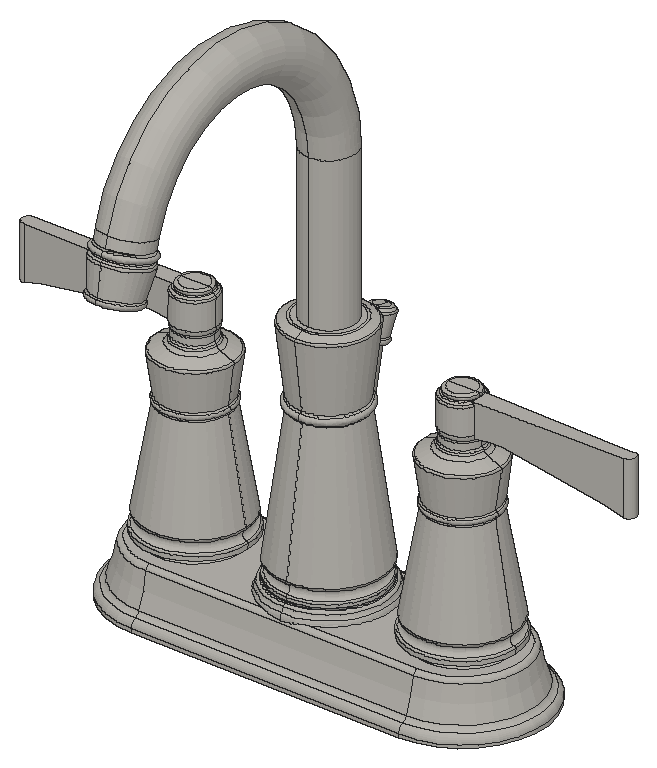
Revit family "Faucet-Lavatory-KOHLER-Archer-K-11075", category Plumbing Fixtures, host Face, Revit 2015 (continued)
Definition of nested family "K-11075"
  Lines and regions (in)
    symbolic lines, detail levels medium+fine
      curve 135: line (0, 0.09647, 4.05638) -> (0, 0.09647, 3.36536)
      curve 136: line (0, -0.09647, 4.05638) -> (0, -0.09647, 3.36536)
      curve 137: arc (0, 0.11171, 3.58807) -> (0, 0.12849, 3.60779) -> (0, 0.13452, 3.63298) r 0.0556
      curve 138: arc (0, 0.09647, 3.56062) -> (0, 0.10107, 3.57602) -> (0, 0.11171, 3.58807) r 0.03736
      curve 139: arc (0, -0.11171, 3.58807) -> (0, -0.12849, 3.60779) -> (0, -0.13452, 3.63298) r 0.0556
      curve 140: arc (0, -0.09647, 3.56062) -> (0, -0.10107, 3.57602) -> (0, -0.11171, 3.58807) r 0.03736
      curve 141: line (0, -0.13189, 3.61607) -> (0, -0.29864, 3.61607)
      curve 142: line (0, -0.09647, 3.48062) -> (0, -0.29054, 3.48062)
      curve 143: line (0, -0.09647, 3.43477) -> (0, -0.31702, 3.43477)
      curve 144: line (0, -0.09647, 3.39239) -> (0, -0.34574, 3.39239)
      curve 145: arc (0, 0.13452, 4.05638) -> (0, 0.12438, 4.09583) -> (0, 0.09647, 4.1255) r 0.08181
      curve 146: arc (0, -0.13452, 4.05638) -> (0, -0.12438, 4.09583) -> (0, -0.09647, 4.1255) r 0.08181
      curve 147: arc (0, 0.02981, 4.1255) -> (0, 0.07709, 4.10439) -> (0, 0.09647, 4.05638) r 0.06917
      curve 148: arc (0, -0.02981, 4.1255) -> (0, -0.07709, 4.10439) -> (0, -0.09647, 4.05638) r 0.06917
      curve 149: arc (0, 0.09647, 3.36536) -> (0, 0, 3.31422) -> (0, -0.09647, 3.36536) r 0.11657
      curve 150: line (0, 0.09647, 3.36536) -> (0, -0.09647, 3.36536)
      curve 151: line (-3.11193, 0, 0.16183) -> (3.11193, 0, 0.16183)
      curve 152: line (-3.04737, 0, 0.22511) -> (3.04737, 0, 0.22511)
      curve 153: line (-2.91399, 0, 0.6992) -> (-0.41399, 0, 0.6992)
      curve 154: line (-2.65277, 0, 0.765) -> (-0.47848, 0, 0.765)
      curve 155: line (0, 0.91195, 0.6992) -> (0, -0.91195, 0.6992)
      curve 156: line (-2.58557, 0, 0.8755) -> (-1.41443, 0, 0.8755)
      curve 157: line (-0.76949, 0, 0.925) -> (0.75655, 0, 0.925)
      curve 158: line (-0.77275, 0, 1.02299) -> (0.77275, 0, 1.02299)
      curve 159: line (1.41443, 0, 0.8755) -> (2.58557, 0, 0.8755)
      curve 160: line (-2.76591, 0, 0.96914) -> (-1.23409, 0, 0.96914)
      curve 161: line (1.23409, 0, 0.96914) -> (2.76591, 0, 0.96914)
      curve 162: line (-2.74216, 0, 1.10986) -> (-1.25784, 0, 1.10986)
      curve 163: line (1.25784, 0, 1.10986) -> (2.74216, 0, 1.10986)
      curve 164: line (-0.77999, 0, 1.179) -> (0.77999, 0, 1.179)
      curve 165: line (-0.51576, 0, 3.23043) -> (0.51576, 0, 3.23043)
      curve 166: line (0.51366, 0, 3.34806) -> (-0.51366, 0, 3.34806)
      curve 167: line (-0.62757, 0, 4.34858) -> (0.62757, 0, 4.34858)
      curve 168: line (0.61285, 0, 4.37912) -> (-0.61285, 0, 4.37912)
      curve 169: line (-0.37496, 0, 4.436) -> (0.37496, 0, 4.436)
      curve 170: spline (0, 0, 6.46899) -> (-0.08837, 0, 6.46581) -> (-0.17071, 0, 6.4565) -> (-0.24142, 0, 6.4417) -> (-0.29568, 0, 6.4224) -> (-0.32979, 0, 6.39993) -> (-0.34142, 0, 6.37581) -> (-0.32979, 0, 6.3517) -> (-0.29568, 0, 6.32922) -> (-0.24142, 0, 6.30993) -> (-0.17071, 0, 6.29512) -> (-0.08837, 0, 6.28581) -> (0, 0, 6.28264)
      curve 171: spline (0, 0, 6.28264) -> (0.08837, 0, 6.28581) -> (0.17071, 0, 6.29512) -> (0.24142, 0, 6.30993) -> (0.29568, 0, 6.32922) -> (0.32979, 0, 6.3517) -> (0.34142, 0, 6.37581) -> (0.32979, 0, 6.39993) -> (0.29568, 0, 6.4224) -> (0.24142, 0, 6.4417) -> (0.17071, 0, 6.4565) -> (0.08837, 0, 6.46581) -> (0, 0, 6.46899)
      curve 172: spline (0, 0, 6.3007) -> (-0.07031, 0, 6.30322) -> (-0.13583, 0, 6.31063) -> (-0.19209, 0, 6.32241) -> (-0.23526, 0, 6.33776) -> (-0.2624, 0, 6.35564) -> (-0.27165, 0, 6.37483) -> (-0.2624, 0, 6.39402) -> (-0.23526, 0, 6.4119) -> (-0.19209, 0, 6.42725) -> (-0.13583, 0, 6.43903) -> (-0.07031, 0, 6.44644) -> (0, 0, 6.44897)
      curve 173: spline (0, 0, 6.44897) -> (0.07031, 0, 6.44644) -> (0.13583, 0, 6.43903) -> (0.19209, 0, 6.42725) -> (0.23526, 0, 6.4119) -> (0.2624, 0, 6.39402) -> (0.27165, 0, 6.37483) -> (0.2624, 0, 6.35564) -> (0.23526, 0, 6.33776) -> (0.19209, 0, 6.32241) -> (0.13583, 0, 6.31063) -> (0.07031, 0, 6.30322) -> (0, 0, 6.3007)
      curve 174: spline (0.26343, 0, 6.39293) -> (0.24285, 0, 6.37753) -> (0.21035, 0, 6.36375) -> (0.16752, 0, 6.35225) -> (0.11647, 0, 6.34361) -> (0.0597, 0, 6.33825) -> (0, 0, 6.33644) -> (-0.0597, 0, 6.33825) -> (-0.11647, 0, 6.34361) -> (-0.16752, 0, 6.35225) -> (-0.21035, 0, 6.36375) -> (-0.24285, 0, 6.37753) -> (-0.26343, 0, 6.39293)
      curve 175: arc (-0.33227, 0, 6.47029) -> (-0.37395, 0, 6.42083) -> (-0.35199, 0, 6.35999) r 0.06471
      curve 176: arc (-0.35199, 0, 6.35999) -> (-0.31839, 0, 6.33744) -> (-0.28067, 0, 6.32276) r 0.18445
      curve 177: arc (0.33227, 0, 6.47029) -> (0.37395, 0, 6.42083) -> (0.35199, 0, 6.35999) r 0.06471
      curve 178: arc (0.35199, 0, 6.35999) -> (0.31839, 0, 6.33744) -> (0.28067, 0, 6.32276) r 0.18445
      curve 179: arc (0.33216, 0, 6.47033) -> (-0.00006, 0, 6.52855) -> (-0.33227, 0, 6.47029) r 0.9767
      curve 180: line (-0.37496, 0, 6.59066) -> (-0.35176, 0, 6.45909)
      curve 181: line (0.37496, 0, 6.59066) -> (0.35176, 0, 6.45909)
      curve 182: spline (0.37496, 0, 7.05703) -> (0.36219, 0, 7.08215) -> (0.32473, 0, 7.10555) -> (0.26514, 0, 7.12565) -> (0.18748, 0, 7.14108) -> (0.09705, 0, 7.15077) -> (0, 0, 7.15408) -> (-0.09705, 0, 7.15077) -> (-0.18748, 0, 7.14108) -> (-0.26514, 0, 7.12565) -> (-0.32473, 0, 7.10555) -> (-0.36219, 0, 7.08215) -> (-0.37496, 0, 7.05703)
      curve 183: arc (-0.37496, 0, 7.05703) -> (0, 0, 7.12103) -> (0.37496, 0, 7.05703) r 1.13036
      curve 184: spline (-0.39095, 0, 6.92152) -> (-0.37763, 0, 6.94063) -> (-0.33857, 0, 6.95844) -> (-0.27644, 0, 6.97374) -> (-0.19548, 0, 6.98547) -> (-0.10119, 0, 6.99285) -> (0, 0, 6.99536) -> (0.10119, 0, 6.99285) -> (0.19548, 0, 6.98547) -> (0.27644, 0, 6.97374) -> (0.33857, 0, 6.95844) -> (0.37763, 0, 6.94063) -> (0.39095, 0, 6.92152)
      curve 185: line (-2.57934, 0, 3.2662) -> (-1.42066, 0, 3.2662)
      curve 186: line (-2.29073, 0, 3.4935) -> (-1.70927, 0, 3.4935)
      curve 187: line (-2.34268, 0, 3.39453) -> (-1.65732, 0, 3.39453)
      curve 188: line (-2.31799, 0, 3.43668) -> (-1.68201, 0, 3.43668)
      curve 189: line (-1.70928, 0, 3.59514) -> (-2.29237, 0, 3.59514)
      curve 190: line (-2.24178, 0, 4.1255) -> (-1.7587, 0, 4.1255)
      curve 191: line (-4.48946, 0, 3.33816) -> (-4.48946, 0, 4.1255)
      curve 192: line (-2.28233, 0, 4.05789) -> (-2.28233, 0, 3.73284)
      curve 193: arc (-2.24178, 0, 4.1255) -> (-2.27141, 0, 4.09731) -> (-2.28233, 0, 4.05789) r 0.07665
      curve 194: arc (-2.28233, 0, 3.73284) -> (-2.29177, 0, 3.68454) -> (-2.31869, 0, 3.64334) r 0.12831
      curve 195: line (2.57934, 0, 3.2662) -> (1.42066, 0, 3.2662)
      curve 196: line (2.29073, 0, 3.4935) -> (1.70927, 0, 3.4935)
      curve 197: line (2.34268, 0, 3.39453) -> (1.65732, 0, 3.39453)
      curve 198: line (2.31799, 0, 3.43668) -> (1.68201, 0, 3.43668)
      curve 199: line (1.70928, 0, 3.59514) -> (2.29237, 0, 3.59514)
      curve 200: line (2.24178, 0, 4.1255) -> (1.7587, 0, 4.1255)
      curve 201: line (4.48946, 0, 3.33816) -> (4.48946, 0, 4.1255)
      curve 202: line (2.28233, 0, 4.05789) -> (2.28233, 0, 3.73284)
      curve 203: arc (2.24178, 0, 4.1255) -> (2.27141, 0, 4.09731) -> (2.28233, 0, 4.05789) r 0.07665
      curve 204: arc (2.28233, 0, 3.73284) -> (2.29177, 0, 3.68454) -> (2.31869, 0, 3.64334) r 0.12831
      curve 205: line (-2.50211, 0, 2.68531) -> (-1.49789, 0, 2.68531)
      curve 206: line (-1.49515, 0, 2.59623) -> (-2.50485, 0, 2.59623)
      curve 207: line (1.49789, 0, 2.68531) -> (2.50211, 0, 2.68531)
      curve 208: line (1.49515, 0, 2.59623) -> (2.50485, 0, 2.59623)
      curve 209: line (0.4496, 0, 0.765) -> (2.65277, 0, 0.765)
      curve 210: arc (-0.47848, 0, 0.765) -> (-0.01444, 0, 0.80756) -> (0.4496, 0, 0.765) r 2.55113
      curve 211: line (0.36989, 0, 0.6992) -> (2.91399, 0, 0.6992)
      curve 212: arc (-0.41399, 0, 0.6992) -> (-0.02205, 0, 0.7652) -> (0.36989, 0, 0.6992) r 1.19676
      curve 213: line (0, 0.72198, 1.02299) -> (0, 0.77252, 1.02299)
      curve 214: line (0, -0.72198, 1.02299) -> (0, -0.77252, 1.02299)
      curve 215: line (0, 0.74991, 1.179) -> (0, 0.78069, 1.179)
      curve 216: line (0, -0.74991, 1.179) -> (0, -0.78068, 1.179)
  Dimensions and locks (in)
    aligned and locked: plane 2 to level
Types (3): name | Type | Model | Finish
  (no name) | 2 | "K-11075-4-BN" | Kohler-Metal-BN-Vibrant_Brushed_Nickel
  CP-Polished Chrome | 1 | "K-11075-4-CP" | Kohler-Metal-CP-Polished_Chrome
  BN-Vibrant Brushed Nickel | 2 | "K-11075-4-BN" | Kohler-Metal-BN-Vibrant_Brushed_Nickel
